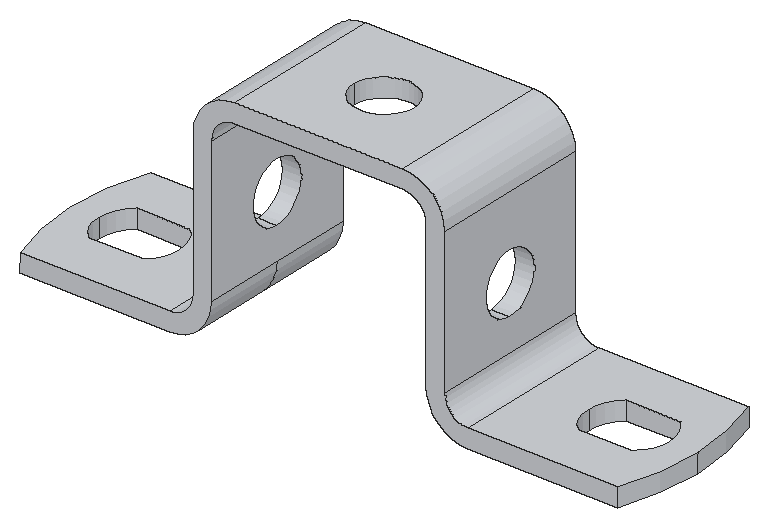
Revit family "Hutprofil 45-45 seitl. Lo", category HLS-Bauteile, Revit 2023
Family settings
  Bemaßung runder Anschluss = Durchmesser verwenden
  Teiletyp = Normal
  Arbeitsebenenbasiert = Ja
  Immer vertikal = Nein
  Beim Laden mit Abzugskörper schneiden = Nein
  Beschriftungsausrichtung beibehalten = Nein
  Gemeinsam genutzt = Ja
  Raumberechnungspunkt = Nein
Parameters (values of type "Hutprofil  45")
  vpe = "25"
  max. zul. Last = 3.50 kN
  Default Elevation = 1219.2 mm
  Stärke Material = 4 mm
  Regelhalter [instance] = ""
  Profiltyp = "45/45"
  Oberflaeche = "galvanisch verzinkt"
  Mengeneinheit = "St"
  Materialname = "S235"
  Material = "Stahl"
  Länge Innen = "45 mm"
  Länge = 130 mm
  Lochung seitlich = yes
  Lochdurchmesser = ""
  Lochabstand = "98 mm"
  Langloch = "13 x 17,5 mm"
  Kurztext2 = "Höhe 45 mm Langloch 17,5x13 mm"
  Kurztext1 = "Hutprofil C-Profil 45/45"
  Höhe = "45 mm"
  H = 45 mm
  Gewicht pro Bauteil = Gewicht  # 0.208 kg
  Gewicht = 0.208 kg
  Firma = "MEFA Befestigungs- und Montagesysteme GmbH"
  Fabrikat = "MEFA"
  EAN = "4250928447975"
  Breite Material = "35 mm"
  Artikelnummer = "08162445"
  Anschlusslochung = "13 mm"
Reference planes
  plane 1 "Mitte (Vorne/hinten)": y = 0
  plane 2: z = 0
  plane 3 "Mitte (Links/rechts)": x = 0
  plane 4: x = 67.3
  plane 5: x = -67.3
  plane 6: x = 23
  plane 7: x = -23
  plane 8: z = 45
  plane 9: x = -17.3
  plane 10: x = -52.55
  plane 11: x = 52.55
  plane 12: y = 6.5
  plane 13: z = 22.5
Forms (mm)
  Sweep 1, solid
    path origin (0, 0, 0) x (1, 0, 0) y (0, 0, 1)
      loop
        line (77.3, 0) -> (67.3, 0) -> (32, 0)
        arc (32, 0) -> (25.636, 2.636) -> (23, 9) r 9
        line (23, 9) -> (23, 40)
        arc (23, 40) -> (21.536, 43.536) -> (18, 45) r 5
        line (18, 45) -> (-18, 45)
        arc (-18, 45) -> (-21.536, 43.536) -> (-23, 40) r 5
        line (-23, 40) -> (-23, 9)
        arc (-23, 9) -> (-25.636, 2.636) -> (-32, 0) r 9
        line (-32, 0) -> (-67.3, 0) -> (-77.3, 0)
    profile origin (49.65, 0, 0) x (0, 0, -1) y (0, -1, 0)
      loop
        line (0, 0) -> (0, 17.5) -> (-4, 17.5) -> (-4, -17.5) -> (0, -17.5) -> (0, 0)
  Extrusion 2, void
    sketch origin (0, 0, 0) x (1, 0, 0) y (0, 1, 0)
      loop
        arc (-67.3, 0) -> (-66.503, 8.892) -> (-64.137, 17.5) r 50
        line (-64.137, 17.5) -> (-77.3, 17.5) -> (-77.3, -17.5) -> (-64.137, -17.5)
        arc (-64.137, -17.5) -> (-66.503, -8.892) -> (-67.3, 0) r 50
      loop
        arc (67.3, 0) -> (66.503, -8.892) -> (64.137, -17.5) r 50
        line (64.137, -17.5) -> (77.3, -17.5) -> (77.3, 17.5) -> (64.137, 17.5)
        arc (64.137, 17.5) -> (66.503, 8.892) -> (67.3, 0) r 50
    from 0 to 4
  Extrusion 3, void
    sketch origin (0, 0, 0) x (1, 0, 0) y (0, 1, 0)
      loop
        circle (0, 0) r 6.5
    from 0 to 273.07
  Extrusion 4, void
    sketch origin (0, 0, 0) x (1, 0, 0) y (0, 1, 0)
      loop
        arc (-61.3, 0) -> (-60.544, -3.557) -> (-58.408, -6.5) r 8.75
        line (-58.408, -6.5) -> (-46.692, -6.5)
        arc (-46.692, -6.5) -> (-44.556, -3.557) -> (-43.8, 0) r 8.75
        arc (-43.8, 0) -> (-44.556, 3.557) -> (-46.692, 6.5) r 8.75
        line (-46.692, 6.5) -> (-58.408, 6.5)
        arc (-58.408, 6.5) -> (-60.544, 3.557) -> (-61.3, 0) r 8.75
      loop
        arc (61.3, 0) -> (60.544, 3.557) -> (58.408, 6.5) r 8.75
        line (58.408, 6.5) -> (46.692, 6.5)
        arc (46.692, 6.5) -> (44.556, 3.557) -> (43.8, 0) r 8.75
        arc (43.8, 0) -> (44.556, -3.557) -> (46.692, -6.5) r 8.75
        line (46.692, -6.5) -> (58.408, -6.5)
        arc (58.408, -6.5) -> (60.544, -3.557) -> (61.3, 0) r 8.75
    from 0 to 4
  Extrusion 5, void
    sketch origin (37, 0, 37.469) x (0, 0, -1) y (0, -1, 0)
      loop
        circle (15, 0) r 6.5
    from 0 to 74.765
Cuts and joins
  Extrusion 2, Extrusion 3, Extrusion 4, Extrusion 5 cuts Sweep 1
Lines and regions (mm)
  model lines, not visible
    curve 1: line (52.55, 0, 43.037) -> (52.55, 0, -40)
    curve 2: line (-52.55, 0, 43.037) -> (-52.55, 0, -40)
    curve 3: line (0, 0, 86.327) -> (0, 0, 11.327)
    curve 4: line (-52.55, 12.895, 0) -> (-52.55, -13.152, 0)
    curve 5: line (52.55, 12.895, 0) -> (52.55, -13.152, 0)
    curve 6: line (-62.004, 0, 0) -> (-42.004, 0, 0)
    curve 7: line (41.918, 0, 0) -> (61.918, 0, 0)
Dimensions and locks
  "H": level to plane 8
  equal spacing: plane 7, plane 3 "Mitte (Links/rechts)", plane 6, locked at 23 each
  locked: plane 7 to plane 6 at 46
  equal spacing: plane 5, plane 3 "Mitte (Links/rechts)", plane 4, locked at 67.3 each
  locked: plane 5 to plane 4 at 134.6
  Sweep 1 sketch curve to Sweep 1 sketch curve = 35 mm
  Sweep 1 sketch curve to Sweep 1 sketch curve = 4 mm
  locked: level to plane 13 at 22.5
  diameter of Extrusion 3 sketch curve = 13 mm
  diameter of Extrusion 5 sketch curve = 13 mm
  aligned and locked: level to plane 2
  aligned and locked: Sweep 1 sketch curve to level  (x2)
  aligned and locked: plane 6 to Sweep 1 sketch curve
  aligned and locked: plane 7 to Sweep 1 sketch curve
  aligned and locked: Sweep 1 sketch curve to plane 8
  aligned and locked: curve 1 to plane 11
  aligned and locked: plane 10 to curve 2
  aligned and locked: plane 3 "Mitte (Links/rechts)" to curve 3
  aligned and locked: curve 2 to plane 1 "Mitte (Vorne/hinten)"
  aligned and locked: curve 3 to plane 1 "Mitte (Vorne/hinten)"
  aligned and locked: curve 1 to plane 1 "Mitte (Vorne/hinten)"
  aligned and locked: plane 1 "Mitte (Vorne/hinten)" to curve 6
  aligned and locked: curve 4 to plane 10
  aligned and locked: plane 11 to curve 5
  aligned and locked: plane 1 "Mitte (Vorne/hinten)" to curve 7
Automatic sketch dimensions
  curve 1 to level = 40 mm
  curve 2 to level = 40 mm
  level to curve 3 = 11.327 mm
  curve 2 to plane 8 = 1.963 mm
  curve 1 to plane 8 = 1.963 mm
  plane 8 to curve 3 = 41.327 mm
  plane 5 to curve 6 = 5.296 mm
  plane 10 to curve 6 = 10.546 mm
  plane 11 to curve 7 = 10.632 mm
  plane 4 to curve 7 = 5.382 mm
  plane 1 "Mitte (Vorne/hinten)" to curve 5 = 13.152 mm
  plane 1 "Mitte (Vorne/hinten)" to curve 4 = 13.152 mm
  plane 12 to curve 5 = 6.395 mm
  plane 12 to curve 4 = 6.395 mm
  Sweep 1 sketch curve to plane 5 = 0 mm
  plane 4 to Sweep 1 sketch curve = 0 mm
  level to Sweep 1 sketch curve = 9 mm  (x2)
  Sweep 1 sketch curve to plane 9 = 0.7 mm
  plane 6 to Sweep 1 sketch curve = 5 mm
  Sweep 1 sketch curve to plane 5 = 10 mm
  Sweep 1 sketch curve to plane 4 = 10 mm
  Sweep 1 sketch curve to plane 1 "Mitte (Vorne/hinten)" = 0 mm
  Sweep 1 sketch curve to profile plane = 0 mm
  Sweep 1 sketch curve to plane 1 "Mitte (Vorne/hinten)" = 17.5 mm
  Extrusion 2 sketch curve to Extrusion 2 sketch curve = 0 mm  (x4)
  plane 1 "Mitte (Vorne/hinten)" to Extrusion 2 sketch curve = 0 mm  (x2)
  Extrusion 2 sketch curve to plane 5 = 0 mm
  Extrusion 2 sketch curve to plane 9 = 0 mm
  Extrusion 2 sketch curve to plane 4 = 0 mm
  Extrusion 2 sketch curve to plane 5 = 10 mm
  plane 5 to Extrusion 2 sketch curve = 3.163 mm  (x2)
  plane 6 to Extrusion 2 sketch curve = 5.7 mm
  plane 4 to Extrusion 2 sketch curve = 3.163 mm  (x2)
  Extrusion 2 sketch curve to plane 4 = 10 mm
  plane 1 "Mitte (Vorne/hinten)" to Extrusion 3 sketch curve = 0 mm
  Extrusion 3 sketch curve to plane 3 "Mitte (Links/rechts)" = 0 mm
  Extrusion 4 sketch curve to Extrusion 4 sketch curve = 0 mm  (x24)
  plane 1 "Mitte (Vorne/hinten)" to Extrusion 4 sketch curve = 0 mm  (x2)
  Extrusion 4 sketch curve to plane 12 = 0 mm  (x2)
  Extrusion 4 sketch curve to plane 10 = 0 mm
  Extrusion 4 sketch curve to plane 11 = 0 mm
  Extrusion 4 sketch curve to plane 10 = 5.858 mm  (x2)
  plane 10 to Extrusion 4 sketch curve = 5.858 mm
  plane 11 to Extrusion 4 sketch curve = 5.858 mm  (x2)
  Extrusion 4 sketch curve to plane 11 = 5.858 mm
  Extrusion 5 sketch curve to plane 1 "Mitte (Vorne/hinten)" = 0 mm
  Extrusion 5 sketch curve to plane 8 = 22.531 mm
